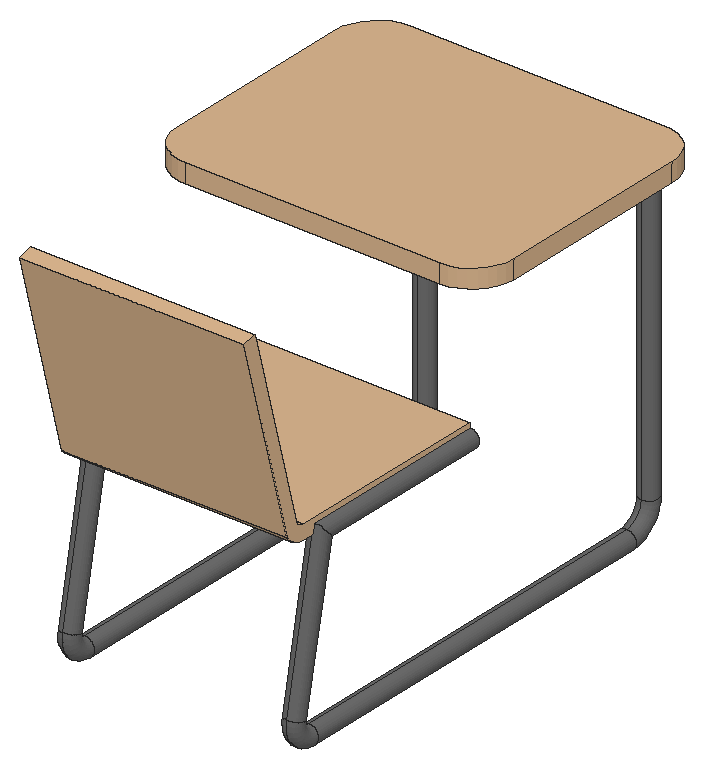
Revit family
Parameters
  Width = 24"
  Table Thickness = 2"
  Subcategory = "Chair"
  SmartBIM Object Version = 3  # constant formula
  SmartBIM Object Created By = "Reed Construction Data"  # constant formula
  Rod Thickness = 1"
  Supports = Stainless Steel
  Offset From The Chair = 18"
  Table Height = Seat Height + 18"  # 37"
  Seat Height = 19"
  Manufacturer = ""
  Depth = 48"
  Default Elevation = 0"
  Bench = Wood, Cherry
  Back Rest Angle = 75.00°
  Assembly Code = "E2020200"
  95 CSI = "12520"
  04 CSI = "12 52 13"
Reference planes (in)
  plane 1 "Center F/B": y = 0
  plane 2: z = 0
  plane 3 "Center L/R": x = 0
  plane 4 "Left": x = -12
  plane 5 "Right": x = 12
  plane 6 "Front": y = 24
  plane 7 "Back": y = -24
  plane 8 "Top": z = 19
  plane 9 "Right Edge Of The Table": x = 18
  plane 10 "Left Edge Of The Table": x = -18
  plane 11 "Front Edge Of The Table": y = 27
  plane 12 "Back  Edge Of The Tab le": y = -6
  plane 13 "Bottom Edge Of The Table": z = 37
  plane 14 "Top Edge Of The Table": z = 39
Forms (in)
  Sweep 1, solid, material "Stainless Steel" <- "Supports"
    path origin (12, 29.93396, 48) x (0, 1, 0) y (0, 0, 1)
      loop
        line (-29.93396, -29) -> (-49.93396, -29) -> (-53.3931, -45.56614)
        arc (-53.3931, -45.56614) -> (-53.00081, -47.25145) -> (-51.44073, -48) r 2
        line (-51.44073, -48) -> (-8.93396, -48)
        arc (-8.93396, -48) -> (-6.81264, -47.12132) -> (-5.93396, -45) r 3
        line (-5.93396, -45) -> (-5.93396, -14)
        arc (-5.93396, -14) -> (-6.81264, -11.87868) -> (-8.93396, -11) r 3
        line (-8.93396, -11) -> (-29.93396, -11)
    profile origin (12, -10, 19) x (0, 0, -1) y (1, 0, 0)
      loop
        circle (0, 0) r 1
  Sweep 2, solid, material "Stainless Steel" <- "Supports"
    path origin (-12, 26.39628, 48) x (0, 1, 0) y (0, 0, 1)
      loop
        line (-26.39628, -29) -> (-46.39628, -29) -> (-49.85542, -45.56614)
        arc (-49.85542, -45.56614) -> (-49.46313, -47.25145) -> (-47.90304, -48) r 2
        line (-47.90304, -48) -> (-5.39628, -48)
        arc (-5.39628, -48) -> (-3.27496, -47.12132) -> (-2.39628, -45) r 3
        line (-2.39628, -45) -> (-2.39628, -14)
        arc (-2.39628, -14) -> (-3.27496, -11.87868) -> (-5.39628, -11) r 3
        line (-5.39628, -11) -> (-26.39628, -11)
    profile origin (-12, -10, 19) x (0, 0, -1) y (1, 0, 0)
      loop
        circle (0, 0) r 1
  Extrusion 3, solid, material "Wood, Cherry" <- "Bench"
    sketch origin (0, 0, 0) x (1, 0, 0) y (0, 1, 0)
      loop
        line (-13.6, -6) -> (13.6, -6)
        arc (13.6, -6) -> (16.71127, -4.71127) -> (18, -1.6) r 4.4
        line (18, -1.6) -> (18, 19.6)
        arc (18, 19.6) -> (16.71127, 22.71127) -> (13.6, 24) r 4.4
        line (13.6, 24) -> (-13.6, 24)
        arc (-13.6, 24) -> (-16.71127, 22.71127) -> (-18, 19.6) r 4.4
        line (-18, 19.6) -> (-18, -1.6)
        arc (-18, -1.6) -> (-16.71127, -4.71127) -> (-13.6, -6) r 4.4
    from 39 to 37
  Sweep 4, solid, material "Wood, Cherry" <- "Bench"
    path origin (0, 0, 0) x (0, 1, 0) y (0, 0, 1)
      loop
        line (0, 19) -> (-22.17308, 19)
        arc (-22.17308, 19) -> (-23.48919, 19.3041) -> (-24.53848, 20.15476) r 3
        line (-24.53848, 20.15476) -> (-30.16154, 41.14033)
    profile origin (0, -27.35001, 30.64755) x (0, -0.965926, -0.258819) y (1, 0, 0)
      loop
        line (0, -12) -> (0, 12) -> (-1.5, 12) -> (-1.5, -12) -> (0, -12)
Lines and regions (in)
  symbolic lines
    curve 1: line (13.6, 24, 19) -> (-13.6, 24, 19)
    curve 2: arc (-13.6, 24, 19) -> (-16.71127, 22.71127, 19) -> (-18, 19.6, 19) r 4.4
    curve 3: line (-18, 19.6, 19) -> (-18, -1.6, 19)
    curve 4: arc (-18, -1.6, 19) -> (-16.71127, -4.71127, 19) -> (-13.6, -6, 19) r 4.4
    curve 5: line (-13.6, -6, 19) -> (13.6, -6, 19)
    curve 6: arc (13.6, -6, 19) -> (16.71127, -4.71127, 19) -> (18, -1.6, 19) r 4.4
    curve 7: line (18, -1.6, 19) -> (18, 19.6, 19)
    curve 8: arc (18, 19.6, 19) -> (16.71127, 22.71127, 19) -> (13.6, 24, 19) r 4.4
    curve 9: line (-12, -30.16154, 19) -> (12, -30.16154, 19)
    curve 10: line (-12, -6, 19) -> (-12, -30.16154, 19)
    curve 11: line (12, -30.16154, 19) -> (12, -6, 19)
Dimensions and locks (in)
  equal spacing: plane 4 "Left", plane 3 "Center L/R", plane 5 "Right"
  "Width": plane 4 "Left" to plane 5 "Right"
  equal spacing: plane 6 "Front", plane 1 "Center F/B", plane 7 "Back"
  "Depth": plane 6 "Front" to plane 7 "Back"
  "Seat Height": plane 8 "Top" to level
  locked: plane 10 "Left Edge Of The Table" to plane 4 "Left" at 6
  locked: plane 5 "Right" to plane 9 "Right Edge Of The Table" at 6
  "Offset From The Chair": plane 12 "Back  Edge Of The Tab le" to plane 7 "Back"
  locked: plane 11 "Front Edge Of The Table" to plane 6 "Front" at 3
  "Table Thickness": plane 13 "Bottom Edge Of The Table" to plane 14 "Top Edge Of The Table"
  locked: Sweep 4 sketch curve to Sweep 4 sketch curve at 1.5
  "Table Height": plane 13 "Bottom Edge Of The Table" to level
  "Rod Thickness": radius of Sweep 1 sketch curve
  "Rod Thickness": radius of Sweep 2 sketch curve
  "Back Rest Angle": angle Sweep 4 sketch curve to plane 8 "Top"
  aligned and locked: plane 1 "Center F/B" to Sweep 1 sketch curve  (x2)
  aligned and locked: plane 8 "Top" to Sweep 1 sketch curve
  aligned and locked: Sweep 1 sketch curve to level
  aligned and locked: plane 6 "Front" to Sweep 1 sketch curve
  aligned and locked: plane 9 "Right Edge Of The Table" to Extrusion 3 sketch curve
  aligned and locked: Extrusion 3 to plane 13 "Bottom Edge Of The Table"
  aligned and locked: plane 14 "Top Edge Of The Table" to Extrusion 3
  aligned and locked: plane 8 "Top" to Sweep 2 sketch curve
  aligned and locked: Extrusion 3 sketch curve to plane 12 "Back  Edge Of The Tab le"
  aligned and locked: Sweep 4 sketch curve to profile plane
  aligned and locked: Sweep 4 sketch curve to plane 5 "Right"
  aligned and locked: plane 4 "Left" to Sweep 4 sketch curve
  aligned and locked: plane 13 "Bottom Edge Of The Table" to Sweep 2 sketch curve
  aligned and locked: plane 13 "Bottom Edge Of The Table" to Sweep 1 sketch curve
  aligned and locked: curve 1 to Extrusion 3
  aligned and locked: curve 2 to Extrusion 3
  aligned and locked: curve 3 to Extrusion 3
  aligned and locked: curve 4 to Extrusion 3
  aligned and locked: curve 6 to Extrusion 3
  aligned and locked: curve 8 to Extrusion 3
  aligned and locked: curve 9 to Sweep 4
  aligned and locked: Sweep 4 to curve 10
  aligned and locked: curve 11 to Sweep 4
Automatic sketch dimensions
  Sweep 1 sketch curve to plane 5 "Right" = 0"
  Sweep 1 sketch curve to profile plane = 0"
  Sweep 2 sketch curve to profile plane = 0"  (x2)
  Extrusion 3 sketch curve to plane 10 "Left Edge Of The Table" = 0"
  plane 10 "Left Edge Of The Table" to Extrusion 3 sketch curve = 4.4"  (x2)
  Extrusion 3 sketch curve to plane 9 "Right Edge Of The Table" = 4.4"  (x2)
  Extrusion 3 sketch curve to plane 6 "Front" = 0"
  plane 7 "Back" to Sweep 1 sketch curve = 4"
  plane 7 "Back" to Sweep 1 sketch curve = 2.49323"
  plane 7 "Back" to Sweep 1 sketch curve = 0.54086"
  Sweep 1 sketch curve to plane 6 "Front" = 3"  (x2)
  Sweep 1 sketch curve to Sweep 1 sketch curve = 2"
  Sweep 2 sketch curve to level = 0"
  Sweep 2 sketch curve to plane 1 "Center F/B" = 0"  (x2)
  Sweep 2 sketch curve to plane 6 "Front" = 0"
  plane 7 "Back" to Sweep 2 sketch curve = 4"
  plane 7 "Back" to Sweep 2 sketch curve = 2.49323"
  plane 7 "Back" to Sweep 2 sketch curve = 0.54086"
  Sweep 2 sketch curve to plane 6 "Front" = 3"
  Sweep 2 sketch curve to Sweep 2 sketch curve = 3"
  level to Sweep 2 sketch curve = 2"
  Sweep 4 sketch curve to plane 1 "Center F/B" = 0"
  plane 7 "Back" to Sweep 4 sketch curve = 1.82692"
  Sweep 4 sketch curve to plane 7 "Back" = 0.53848"
  plane 8 "Top" to Sweep 4 sketch curve = 1.15476"
  Sweep 4 sketch curve to plane 8 "Top" = 0"
  curve 10 to plane 12 "Back  Edge Of The Tab le" = 0"
  curve 2 to plane 4 "Left" = 1.6"
